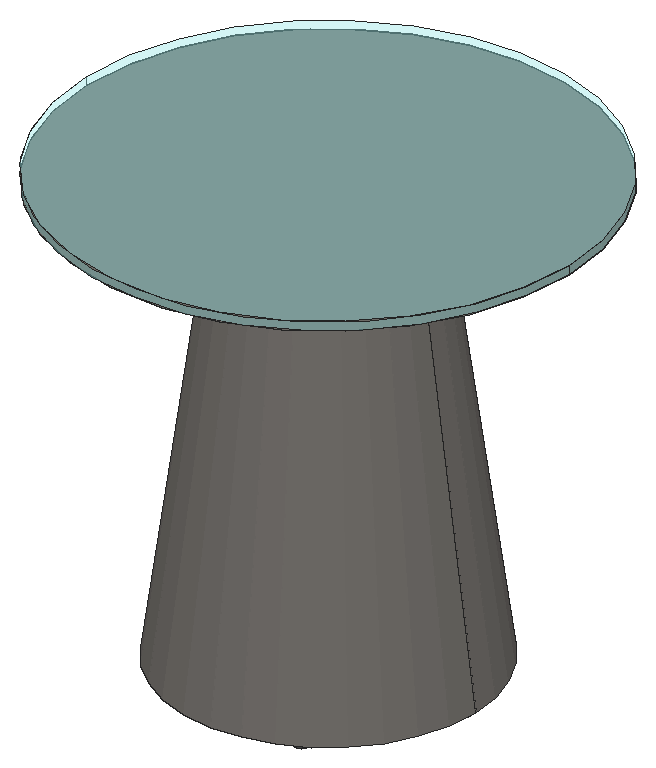
Revit family "Steelcase Turnstone - Campfire - Paper Table", category Furniture, Revit 2016
Family settings
  Work Plane-Based = No
  Always vertical = Yes
  Cut with Voids When Loaded = No
  Shared = No
  Room Calculation Point = No
Parameters (values of type "with Glass")
  URL = "https://www.steelcase.com"
  Top = Steelcase Turnstone - Campfire - Paper Table - Top : Glass Top
  Symbol Name = "TS4TPTA3"
  Style Number(s) = "TS4TPT"
  Release Date = "April 2018"  # constant formula
  Product Line = "Turnstone"  # constant formula
  Product = "Campfire"  # constant formula
  Opaque [instance] = yes
  Manufacturer = "Steelcase"  # constant formula
  Draw in Foreground [instance] = yes
  Description = ""
  Copyright = "© 2010 Steelcase Inc."  # constant formula
  Base [instance] = Steelcase - 2536 Blackwood
  AutoCAD Tag = "25"
  Authoring Version = "Revit 2016"  # constant formula
  Assembly Code = "E2020200"
Types (2): name | Top | Symbol Name
  with Paper | Steelcase Turnstone - Campfire - Paper Table - Top : Paper Top | "TS4TPT"
  with Glass | Steelcase Turnstone - Campfire - Paper Table - Top : Glass Top | "TS4TPTA3"
Reference planes (in)
  plane 1 "Center Front/Back": y = 0
  plane 2 "Bottom": z = 0
  plane 3 "Center Left/Right": x = 0
Forms (in)
  Blend 1, solid, material "Steelcase - 2536 Blackwood" <- "Base"
    base sketch origin (0, 0, 0) x (1, 0, 0) y (0, 1, 0)
      loop
        circle (0, 0) r 7.532
    top sketch origin (0, 0, 0) x (1, 0, 0) y (0, 1, 0)
      loop
        circle (0, 0) r 5
    from 0.219 to 18.473
  Blend 2, solid, material "Steelcase - 2536 Blackwood" <- "Base"
    base sketch origin (0, 0, 0) x (1, 0, 0) y (0, 1, 0)
      loop
        circle (0, 0) r 5
    top sketch origin (0, 0, 0) x (1, 0, 0) y (0, 1, 0)
      loop
        circle (0, 0) r 12.3395
    from 18.473 to 22.01264
  Extrusion 3, solid, material "Steelcase - 6205 Black"
    sketch origin (0, 0, 0) x (1, 0, 0) y (0, 1, 0)
      loop
        circle (-3.45, 5.976) r 0.375
      loop
        circle (3.45, 5.976) r 0.375
      loop
        circle (6.9, 0) r 0.375
      loop
        circle (3.45, -5.97515) r 0.375
      loop
        circle (-3.45, -5.97515) r 0.375
      loop
        circle (-6.9, 0) r 0.375
    from 0 to 0.219
Lines and regions (in)
  Masking region 1, visible <- "Opaque"
    outline origin (50, 0, 0) x (1, 0, 0) y (0, 1, 0)
      loop
        circle (-50, 0) r 12.3395
  symbolic lines, style "Steelcase Furniture", built-in parameter 1006206 <- "Draw in Foreground"
    curve 1: circle (0, 0, 0) r 12.3395 normal (0, 0, 1)
  symbolic lines, style "Steelcase Hidden Lines", built-in parameter 1006206 <- "Draw in Foreground", detail levels medium+fine
    curve 2: circle (0, 0, 0) r 7.532 normal (0, 0, 1)
    curve 3: circle (3.45, 5.976, 0) r 0.375 normal (0, 0, 1)
    curve 4: circle (-3.45, 5.976, 0) r 0.375 normal (0, 0, 1)
    curve 5: circle (-6.9, 0, 0) r 0.375 normal (0, 0, 1)
    curve 6: circle (-3.45, -5.97515, 0) r 0.375 normal (0, 0, 1)
    curve 7: circle (3.45, -5.97515, 0) r 0.375 normal (0, 0, 1)
    curve 8: circle (6.9, 0, 0) r 0.375 normal (0, 0, 1)
Dimensions and locks (in)
  aligned and locked: level to plane 2 "Bottom"
Nested families (in)
  nested 1: "Steelcase Turnstone - Campfire - Paper Table - Top" at (0, 0, 0), type <- "Top", type "Glass Top"
    with Opaque yes
Definition of nested family "Steelcase Turnstone - Campfire - Paper Table - Top"
  Parameters (values of type "Glass Top")
    URL = "https://www.steeelcase.com"
    Top Paper = no
    Top Glass = yes
    Top = none
    Symbol Name = "TS4PTG"
    Style Number(s) = "TS4TPTG"
    Release Date = "April 2018"  # constant formula
    Product Line = "Turnstone"  # constant formula
    Product = "Campfire"  # constant formula
    Opaque [instance] = yes
    Manufacturer = "Steelcase"  # constant formula
    Description = ""
    Copyright = "© 2010 Steelcase Inc."  # constant formula
    AutoCAD Tag = "25"
    Authoring Version = "Revit 2016"  # constant formula
    Assembly Code = "E2020200"
  Types (2): name | URL | Top Paper | Top Glass | Symbol Name | Style Number(s)
    Paper Top | "https://www.steelcase.com" | yes | no | "TS4PTP" | "TS4TPTP"
    Glass Top | "https://www.steeelcase.com" | no | yes | "TS4PTG" | "TS4TPTG"
  Reference planes (in)
    plane 1 "Center Front/Back": y = 0
    plane 2 "Bottom": z = 0
    plane 3 "Center Left/Right": x = 0
  Forms (in)
    Extrusion 1, solid, material <- "Top", visible <- "Top Glass"
      sketch origin (0, 0, 0) x (1, 0, 0) y (0, 1, 0)
        loop
          circle (0, 0) r 12.3395
      from 22.01264 to 22.429
    Extrusion 2, solid, material <- "Top", visible <- "Top Paper"
      sketch origin (0, 0, 0) x (1, 0, 0) y (0, 1, 0)
        loop
          circle (0, 0) r 12.3395
      from 22.01264 to 22.429
  Lines and regions (in)
    Masking region 1, visible <- "Opaque"
      outline origin (50, 0, 0) x (1, 0, 0) y (0, 1, 0)
        loop
          circle (-50, 0) r 12.3395
    symbolic lines
      curve 1: circle (0, 0, 0) r 12.3395 normal (0, 0, 1)
  Dimensions and locks (in)
    aligned and locked: level to plane 2 "Bottom"
